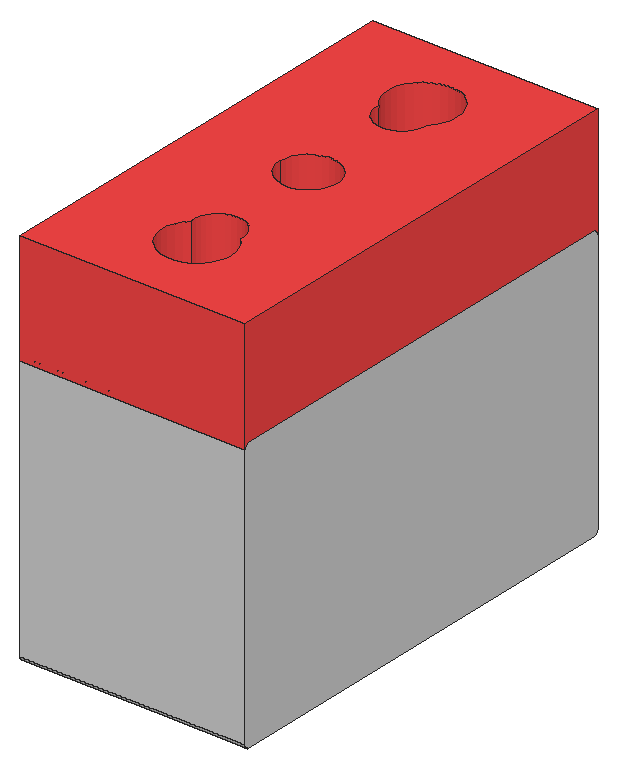
Revit family "Domotics-DomesticRanges-GEWISS-SYSTEM_POWER-SOCKET-OUTLET_ITA_P11P17_16A", category Apparecchi elettrici, host Superficie, Revit 2016
Family settings
  Host = Superficie
  Mantenere orientamento annotazione = Sì
  Tipo di parte = Normale
  Quota connettore circolare = Usa diametro
  Numero OmniClass = 23.80.50.14
  Titolo OmniClass = Plug Connectors
  Taglio con vuoti quando caricato = No
  Condiviso = Sì
  Punto di calcolo locali = Sì
Parameters (values of type "GW20295 - 2P+E 16A dual amp red socket-outlet")
  Voltage: = "250 V ac"
  Voltage = "250 V ac"
  Volt = 230 V
  Vista di pianta [instance] = yes
  Version file RFA = "19.4"
  URL = "https://www.gewiss.com/ww/en"
  Typology = "P17-11"
  Type: = "For allocated lines"
  Type = "P17-11"
  Technical sheet = "https://www.gewiss.com/ww/en/search?q=GW20295"
  Standard: = "English"
  Standard = "English"
  SEO = "Socket outlet"
  Realized by GEWISS S.p.A. = ""
  Offset bidimensionale [instance] = 2 mm
  Tipo_ = SYSTEM PRESE ITA P11-17 16A_BASE : GW20295 - PRESA 2P+T 16A BIV.ST.ITAL.CON SCH.RED
  Simbolo_ = SIMBOLO PRESE : PRESA
  SIMBOLO [instance] = yes
  Produttore = "GEWISS S.p.A."
  Offset presa [instance] = 0 mm
  No. SYSTEM modules = "1"
  N. poli = 2
  Modello = "GW20295"
  Larghezza presa = 23 mm
  IFC.TypeObject = ""
  IFC.ExportType = ""
  IFC.ExportAs = ""
  IDT = "04ccb2e4-3fec-40e1-92c1-48c33f491795"
  IDF = "09b57737-3f5e-45a4-9267-f0fc22462c9d"
  For plug pins = "Ø 4 / 5 mm"
  Electrocod = "0131"
  EAN code = "8011564044869"
  Distanza_x [instance] = 0 mm
  Distanza_effettiva_x [instance] = 1500 mm - Distanza_x  # 1500 mm
  Default Elevation = 1219.2 mm
  Immagine tipo = GW20295.jpg
  Descrizione = "2P+E 16A DUAL AMP RED SOCKET-OUTLET"
  Description: = "2P+E - 16 A Dual amperage"
  Description. = "Dual amperage socket-outlet"
  Colour = "Red"
  Characteristics = "2P+E - 16 A Dual amperage"
  Catalogue Range = "SYSTEM - DOMESTIC RANGE"
  Catalogue = "DOMOTICS"
  Carico apparente = 0 VA
  COBie.Tagnumber = ""
  COBie.CreatedOn = ""
  COBie.CreatebBy = ""
  COBie.ComponentRegisterItemID = ""
  COBie.Component.TagNumber = ""
  COBie.Component.Space = ""
  COBie.Component.SerialNumber = ""
  COBie.Component.InstallationDate = ""
  COBie.Component.Description = ""
  COBie.Component.BarCode = ""
Types (4, lengths in mm): name | Type: | Technical sheet | Tipo_ | Modello | IDT | EAN code | Immagine tipo | Descrizione | Colour
  GW20203 - 16A 2P+E dual amp.ital.s.-outlet white | "" | "https://www.gewiss.com/ww/en/search?q=GW20203" | SYSTEM PRESE ITA P11-17 16A_BASE : GW20203 - PRESA 2P+T 16A BIV.ST.ITAL.CON SCH.SY/WT | "GW20203" | "69706712-5e37-47af-ac43-7bb326506a1c" | "8011564000537" | GW20203.jpg | "16A 2P+E DUAL AMP.ITAL.S.-OUTLET SY/WT" | "White"
  GW20295 - 2P+E 16A dual amp red socket-outlet | "For allocated lines" | "https://www.gewiss.com/ww/en/search?q=GW20295" | SYSTEM PRESE ITA P11-17 16A_BASE : GW20295 - PRESA 2P+T 16A BIV.ST.ITAL.CON SCH.RED | "GW20295" | "04ccb2e4-3fec-40e1-92c1-48c33f491795" | "8011564044869" | GW20295.jpg | "2P+E 16A DUAL AMP RED SOCKET-OUTLET" | "Red"
  GW20281 - 2P+E 16A dual amp green socket-outlet | "For allocated lines" | "https://www.gewiss.com/ww/en/search?q=GW20281" | SYSTEM PRESE ITA P11-17 16A_BASE : GW20281 - PRESA 2P+T 16A BIV.ST.ITAL.CON SCH.GREEN | "GW20281" | "1f4c2cf4-f6b3-490f-b98d-3306c48c1570" | "8011564079427" | GW20281.jpg | "2P+E 16A DUAL AMP GREEN SOCKET-OUTLET" | "Green"
  GW20286 - 2P+E 16A dual amp orange socket-outlet | "For allocated lines" | "https://www.gewiss.com/ww/en/search?q=GW20286" | SYSTEM PRESE ITA P11-17 16A_BASE : GW20286 - PRESA 2P+T 16A BIV.ST.ITAL.CON SCH.ORANGE | "GW20286" | "cb5a3f84-1cb0-45f3-a536-d8495c9f1a22" | "8011564079458" | GW20286.jpg | "2P+E 16A DUAL AMP ORANGE SOCKET-OUTLET" | "Orange"
Reference planes
  plane 1 "Centro (Fronte/Retro)": y = 0
  plane 2: z = 0
  plane 3 "Centro (Sinistra/Destra)": x = 0
  plane 4: z = 0
  plane 5 "bidimensionale": z = 41
  plane 6: x = -11.5
  plane 7: x = 11.5
  plane 8: z = 39
  plane 9: y = 22.5
  plane 10: y = -22.5
  plane 11: x = -1500
  plane 12: x = 0
  plane 13: y = 200
Lines and regions (mm)
  Masking region 1, visible <- "Vista di pianta"
    outline origin (0, 0, 0) x (1, 0, 0) y (0, 0, 1)
      loop
        line (11.5, 0) -> (11.5, 39) -> (-11.5, 39) -> (-11.5, 0) -> (11.5, 0)
  Masking region 2, visible <- "Vista di pianta"
    outline origin (0, 0, 0) x (0, 1, 0) y (0, 0, 1)
      loop
        line (-22.5, 39) -> (-22.5, 0) -> (22.5, 0) -> (22.5, 39) -> (-22.5, 39)
  Masking region 3, visible <- "Vista di pianta"
    outline origin (0, 0, 41) x (0, -1, 0) y (1, 0, 0)
      loop
        line (-22.5, -11.5) -> (22.5, -11.5) -> (22.5, 11.5) -> (-22.5, 11.5) -> (-22.5, -11.5)
      loop
        circle (0, 0) r 2.942
      loop
        arc (11.852, 2.573) -> (9.23, 0.005) -> (11.994, -2.41) r 2.5
        arc (11.994, -2.41) -> (17.963, 0.254) -> (11.852, 2.573) r 3.536
      loop
        arc (-11.994, -2.41) -> (-9.23, 0.005) -> (-11.852, 2.573) r 2.5
        arc (-11.852, 2.573) -> (-17.963, 0.254) -> (-11.994, -2.41) r 3.536
  model lines, style "PRESA", not visible, detail levels coarse
    curve 1: line (-11.5, 22.5, 39) -> (11.5, 22.5, 39)
    curve 2: line (-11.5, -22.5, 39) -> (-11.5, 22.5, 39)
    curve 3: line (11.5, -22.5, 39) -> (-11.5, -22.5, 39)
    curve 4: line (11.5, 22.5, 39) -> (11.5, -22.5, 39)
    curve 5: arc (2.573, 11.852, 39) -> (0.254, 17.963, 39) -> (-2.41, 11.994, 39) r 3.536
    curve 6: arc (-2.41, 11.994, 39) -> (0.005, 9.23, 39) -> (2.573, 11.852, 39) r 2.5
    curve 7: arc (2.942, 0, 39) -> (0, 2.942, 39) -> (-2.942, 0, 39) r 2.942
    curve 8: arc (-2.942, 0, 39) -> (0, -2.942, 39) -> (2.942, 0, 39) r 2.942
    curve 9: arc (2.573, -11.852, 39) -> (0.005, -9.23, 39) -> (-2.41, -11.994, 39) r 2.5
    curve 10: arc (-2.41, -11.994, 39) -> (0.254, -17.963, 39) -> (2.573, -11.852, 39) r 3.536
  model lines, style "PRESA", detail levels coarse
    curve 11: line (-11.5, 22.5, 41) -> (11.5, 22.5, 41)
    curve 12: line (-11.5, -22.5, 41) -> (-11.5, 22.5, 41)
    curve 13: line (11.5, -22.5, 41) -> (-11.5, -22.5, 41)
    curve 14: line (11.5, 22.5, 41) -> (11.5, -22.5, 41)
    curve 15: arc (2.573, 11.852, 41) -> (0.254, 17.963, 41) -> (-2.41, 11.994, 41) r 3.536
    curve 16: arc (-2.41, 11.994, 41) -> (0.005, 9.23, 41) -> (2.573, 11.852, 41) r 2.5
    curve 17: arc (2.942, 0, 41) -> (0, 2.942, 41) -> (-2.942, 0, 41) r 2.942
    curve 18: arc (-2.942, 0, 41) -> (0, -2.942, 41) -> (2.942, 0, 41) r 2.942
    curve 19: arc (2.573, -11.852, 41) -> (0.005, -9.23, 41) -> (-2.41, -11.994, 41) r 2.5
    curve 20: arc (-2.41, -11.994, 41) -> (0.254, -17.963, 41) -> (2.573, -11.852, 41) r 3.536
Dimensions and locks
  "Offset presa": plane 4 to host face
  equal spacing: plane 6, plane 3 "Centro (Sinistra/Destra)", plane 7
  "Larghezza presa": plane 6 to plane 7
  locked: plane 8 to plane 4 at 39
  locked: plane 9 to plane 10 at 45
  plane 11 to plane 3 "Centro (Sinistra/Destra)" = 1500 mm
  "Distanza_effettiva_x": plane 11 to plane 12
  plane 13 to plane 1 "Centro (Fronte/Retro)" = 200 mm
  "Offset bidimensionale": plane 5 "bidimensionale" to plane 8
  aligned and locked: plane 2 to host face
  aligned and locked: level to host face
  aligned and locked: nested 1 to plane 4
  aligned and locked: plane 3 "Centro (Sinistra/Destra)" to nested 1
  aligned and locked: plane 1 "Centro (Fronte/Retro)" to nested 1
  aligned and locked: plane 6 to nested 1
  aligned and locked: plane 7 to nested 1
  aligned and locked: plane 4 to Masking region 1 sketch curve
  aligned and locked: Masking region 1 sketch curve to nested 1
  aligned and locked: plane 6 to Masking region 1 sketch curve
  aligned and locked: Masking region 1 sketch curve to plane 8
  aligned and locked: plane 12 to nested 2
  aligned and locked: nested 2 to plane 13
  aligned and locked: plane 4 to Masking region 2 sketch curve
  aligned and locked: Masking region 2 sketch curve to nested 1
  aligned and locked: Masking region 3 sketch curve to plane 9
  aligned and locked: plane 6 to Masking region 3 sketch curve
  aligned and locked: plane 5 "bidimensionale" to curve 14
Automatic sketch dimensions
  host sketch curve to host sketch curve = 2438.4 mm  (x2)
  Masking region 2 sketch curve to plane 10 = 0 mm
  plane 1 "Centro (Fronte/Retro)" to Masking region 3 sketch curve = 0 mm
  Masking region 3 sketch curve to plane 3 "Centro (Sinistra/Destra)" = 0 mm
  plane 3 "Centro (Sinistra/Destra)" to Masking region 3 sketch curve = 0.076 mm  (x2)
  Masking region 3 sketch curve to Masking region 3 sketch curve = 0.123 mm  (x2)
  Masking region 3 sketch curve to plane 3 "Centro (Sinistra/Destra)" = 2.41 mm  (x2)
  Masking region 3 sketch curve to plane 9 = 10.771 mm
  Masking region 3 sketch curve to Masking region 3 sketch curve = 0.265 mm  (x2)
  plane 10 to Masking region 3 sketch curve = 10.771 mm
  plane 3 "Centro (Sinistra/Destra)" to Masking region 3 sketch curve = 0.153 mm  (x2)
  Masking region 2 sketch curve to plane 8 = 0 mm
  Masking region 3 sketch curve to plane 10 = 0 mm
  Masking region 3 sketch curve to plane 7 = 0 mm
  radius of Masking region 3 sketch curve = 2.942 mm
Nested families
  nested 1: "SYSTEM PRESE ITA P11-17 16A_BASE" at (0, 0, 0), type <- "Tipo_", type "GW20295 - PRESA 2P+T 16A BIV.ST.ITAL.CON SCH.RED", detail levels medium+fine
  nested 2: "SIMBOLO PRESE" at (0, 200, 0), type <- "Simbolo_", SIMBOLO <- "SIMBOLO", type "PRESA"
    with TESTO ELETTRICO "10/16", Distanza dal muro 4.208 mm, BORDO ACCESO yes
Connectors
  electrical at (0, 0, 0), driven by "N. poli", driven by "Volt", driven by "Carico apparente"
    settings: on nested 1, index 1, voltage 230 V, apparent load 0 VA, apparent load phase1 0 VA, apparent load phase2 0 VA, apparent load phase3 0 VA, power factor 1, load classification "Other", number of poles 2, system type 31, power factor state 1, is connector primary yes, connector utility no, sub classification motor no, connector description ""
Definition of nested family "SYSTEM PRESE ITA P11-17 16A_BASE"
  Parameters (values of type "GW20203 - PRESA 2P+T 16A BIV.ST.ITAL.CON SCH.SY/WT")
    Struttura = none
    Pulsante = none
    Profondità supporto = 28.04 mm
    Profondità presa = 39 mm
    Larghezza presa = 23 mm
    Distanza simbolo = 30 mm
    Bidimensionale = 44.7 mm
    Altezza simbolo = 30 mm
    Altezza presa = 45 mm
  Types (4): name
    GW20203 - PRESA 2P+T 16A BIV.ST.ITAL.CON SCH.SY/WT
    GW20295 - PRESA 2P+T 16A BIV.ST.ITAL.CON SCH.RED
    GW20281 - PRESA 2P+T 16A BIV.ST.ITAL.CON SCH.GREEN
    GW20286 - PRESA 2P+T 16A BIV.ST.ITAL.CON SCH.ORANGE
  Reference planes
    plane 1 "Centro (Fronte/Retro)": y = 0
    plane 2: z = 0
    plane 3 "Centro (Sinistra/Destra)": x = 0
    plane 4: x = -11.5
    plane 5: x = 11.5
    plane 6: y = 22.5
    plane 7: y = -22.5
    plane 8: z = 28.04
    plane 9 "PIANO BIDIMENSIONALE": z = 44.7
    plane 10: z = 39
  Forms (mm)
    Extrusion 1, solid, material <- "Struttura", detail levels medium+fine
      sketch origin (0, 0, 0) x (0, 1, 0) y (0, 0, 1)
        loop
          line (22.5, 0.5) -> (22.5, 28.04) -> (-22.5, 28.04) -> (-22.5, 0.5)
          arc (-22.5, 0.5) -> (-22.354, 0.146) -> (-22, 0) r 0.5
          line (-22, 0) -> (22, 0)
          arc (22, 0) -> (22.354, 0.146) -> (22.5, 0.5) r 0.5
      from -11.5 to 11.5
    Extrusion 2, solid, material <- "Pulsante", detail levels medium+fine
      sketch origin (0, 0, 0) x (0, 1, 0) y (0, 0, 1)
        loop
          arc (-22.5, 27.54) -> (-22.354, 27.894) -> (-22, 28.04) r 0.5
          line (-22, 28.04) -> (22, 28.04)
          arc (22, 28.04) -> (22.354, 27.894) -> (22.5, 27.54) r 0.5
          line (22.5, 27.54) -> (22.5, 39) -> (-22.5, 39) -> (-22.5, 27.54)
      from -11.5 to 11.5
    Extrusion 3, void
      sketch origin (0, 0, 33.639) x (-1, 0, 0) y (0, -1, 0)
        loop
          circle (0, 0) r 2.942
        loop
          arc (2.41, -11.994) -> (-0.005, -9.23) -> (-2.573, -11.852) r 2.5
          arc (-2.573, -11.852) -> (-0.254, -17.963) -> (2.41, -11.994) r 3.536
        loop
          arc (-2.573, 11.852) -> (-0.005, 9.23) -> (2.41, 11.994) r 2.5
          arc (2.41, 11.994) -> (-0.254, 17.963) -> (-2.573, 11.852) r 3.536
      from -5.599 to 5.361
  Cuts and joins
    Extrusion 3 cuts Extrusion 2
  Lines and regions (mm)
    Masking region 1
      outline origin (0, 0, 44.7) x (0, -1, 0) y (1, 0, 0)
        loop
          line (-22.5, -11.5) -> (22.5, -11.5) -> (22.5, 11.5) -> (-22.5, 11.5) -> (-22.5, -11.5)
        loop
          arc (-11.852, 2.573) -> (-17.963, 0.254) -> (-11.994, -2.41) r 3.536
          arc (-11.994, -2.41) -> (-9.23, 0.005) -> (-11.852, 2.573) r 2.5
        loop
          circle (0, 0) r 2.942
        loop
          arc (11.852, 2.573) -> (9.23, 0.005) -> (11.994, -2.41) r 2.5
          arc (11.994, -2.41) -> (17.963, 0.254) -> (11.852, 2.573) r 3.536
  Dimensions and locks
    equal spacing: plane 4, plane 3 "Centro (Sinistra/Destra)", plane 5
    "Larghezza presa": plane 4 to plane 5
    equal spacing: plane 6, plane 1 "Centro (Fronte/Retro)", plane 7
    "Altezza presa": plane 6 to plane 7
    "Bidimensionale": plane 9 "PIANO BIDIMENSIONALE" to plane 2
    "Profondità presa": plane 10 to plane 2
    "Profondità supporto": plane 8 to plane 2
    aligned and locked: level to plane 2
    aligned and locked: plane 8 to Extrusion 1
    aligned and locked: Extrusion 3 to Extrusion 1
    aligned and locked: plane 6 to Extrusion 1
    aligned and locked: Extrusion 1 to plane 7
    aligned and locked: Extrusion 1 to plane 4
    aligned and locked: plane 10 to Extrusion 3
    aligned and locked: Extrusion 2 to Extrusion 3
    aligned and locked: Extrusion 2 to Extrusion 1
    aligned and locked: plane 7 to Masking region 1 sketch curve
    aligned and locked: Masking region 1 sketch curve to plane 5
    aligned and locked: plane 4 to Masking region 1 sketch curve
    aligned and locked: Masking region 1 sketch curve to plane 6
  Automatic sketch dimensions
    Extrusion 1 sketch curve to level = 0 mm
    level to Extrusion 1 sketch curve = 0.5 mm
    plane 7 to Extrusion 1 sketch curve = 0 mm
    Extrusion 1 sketch curve to Extrusion 1 sketch curve = 0.5 mm
    Extrusion 2 sketch curve to plane 7 = 0 mm
    Extrusion 2 sketch curve to plane 6 = 0 mm
    Extrusion 2 sketch curve to Extrusion 2 sketch curve = 0.5 mm  (x2)
    Extrusion 1 sketch curve to plane 6 = 0 mm
    plane 1 "Centro (Fronte/Retro)" to Extrusion 3 sketch curve = 0 mm
    Extrusion 3 sketch curve to plane 3 "Centro (Sinistra/Destra)" = 0 mm
    plane 3 "Centro (Sinistra/Destra)" to Extrusion 3 sketch curve = 0.076 mm  (x2)
    plane 3 "Centro (Sinistra/Destra)" to Extrusion 3 sketch curve = 0.153 mm  (x2)
    Extrusion 3 sketch curve to plane 6 = 10.771 mm
    Extrusion 3 sketch curve to Extrusion 3 sketch curve = 2.701 mm  (x2)
    Extrusion 3 sketch curve to Extrusion 3 sketch curve = 2.497 mm  (x2)
    Extrusion 3 sketch curve to plane 3 "Centro (Sinistra/Destra)" = 2.41 mm  (x2)
    plane 7 to Extrusion 3 sketch curve = 10.771 mm
    Extrusion 1 sketch curve to plane 8 = 0 mm
    plane 8 to Extrusion 2 sketch curve = 0 mm
    plane 8 to Extrusion 2 sketch curve = 10.96 mm
    plane 3 "Centro (Sinistra/Destra)" to Masking region 1 sketch curve = 0.153 mm  (x2)
    Masking region 1 sketch curve to plane 6 = 8.071 mm
    plane 3 "Centro (Sinistra/Destra)" to Masking region 1 sketch curve = 0.076 mm  (x2)
    Masking region 1 sketch curve to Masking region 1 sketch curve = 2.701 mm  (x2)
    Masking region 1 sketch curve to Masking region 1 sketch curve = 0.265 mm
    Masking region 1 sketch curve to Masking region 1 sketch curve = 0.123 mm  (x2)
    plane 1 "Centro (Fronte/Retro)" to Masking region 1 sketch curve = 0 mm
    Masking region 1 sketch curve to plane 3 "Centro (Sinistra/Destra)" = 0 mm
    Masking region 1 sketch curve to plane 3 "Centro (Sinistra/Destra)" = 2.942 mm
    plane 7 to Masking region 1 sketch curve = 10.771 mm
    Masking region 1 sketch curve to plane 3 "Centro (Sinistra/Destra)" = 2.41 mm
    radius of Extrusion 3 sketch curve = 2.942 mm
Definition of nested family "SIMBOLO PRESE"
  Parameters (values of type "PRESA")
    TESTO ELETTRICO [instance] = "TXT"
    Simbolo = SIMBOLO PRESE_BASE : PRESA
    SIMBOLO [instance] = yes
    Distanza dal muro [instance] = 4.208 mm
    BORDO ACCESO [instance] = yes
  Reference planes
    plane 1: y = 0
    plane 2: x = 0
  Dimensions and locks
    aligned and locked: plane 2 to nested 1
    aligned and locked: plane 1 to nested 1
  Nested families
    nested 1: "SIMBOLO PRESE_BASE" at (0, 0, 0), type <- "Simbolo", TESTO ELETTRICO <- "TESTO ELETTRICO", BORDO ACCESO <- "BORDO ACCESO", visible <- "SIMBOLO", type "PRESA"
      with TESTO ELETTRICO "TXT", BORDO ACCESO yes
  Definition of nested family "SIMBOLO PRESE_BASE"
    Parameters (values of type "PRESA")
      TESTO ELETTRICO [instance] = "TXT"
      Distanza dal muro = 4.208 mm
      BORDO ACCESO [instance] = yes
    Reference planes
      plane 1: y = 0
      plane 2: x = 0
    Lines and regions (mm)
      detail lines, visible <- "BORDO ACCESO", not visible
        curve 1: line (-1.743, 9.208, 0) -> (2.057, 9.208, 0)
        curve 2: line (2.057, 9.208, 0) -> (2.057, 4.208, 0)
        curve 3: line (2.057, 4.208, 0) -> (-1.743, 4.208, 0)
        curve 4: line (-1.743, 4.208, 0) -> (-1.743, 9.208, 0)
        curve 5: line (-1.543, 9.008, 0) -> (1.857, 9.008, 0)
        curve 6: line (1.857, 9.008, 0) -> (1.857, 4.408, 0)
        curve 7: line (1.857, 4.408, 0) -> (-1.543, 4.408, 0)
        curve 8: line (-1.543, 4.408, 0) -> (-1.543, 9.008, 0)
      detail lines
        curve 9: line (0.783, 1.133, 0) -> (-0.783, 1.133, 0)
        curve 10: line (0, 1.133, 0) -> (0, 0.349, 0)
        curve 11: arc (-0.783, 1.916, 0) -> (0, 1.133, 0) -> (0.783, 1.916, 0) r 0.783
    Text (mm)
      label "TXT" at (0.016, 1.578, 0), shows "TESTO ELETTRICO"
